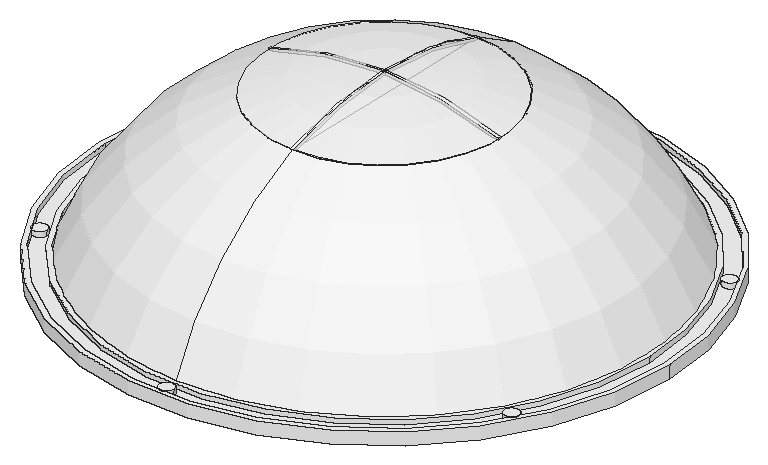
Revit family "1702a_OPE", category Communication Devices, host Face, Revit 2021
Family settings
  Host = Face
  Maintain Annotation Orientation = No
  Round Connector Dimension = Use Diameter
  Part Type = Normal
  OmniClass Number = 23.85.80.11.27
  OmniClass Title = Lighting Controls
  Cut with Voids When Loaded = No
  Shared = Yes
  Room Calculation Point = No
Parameters
  Width = 6.50"
  Warranty = "5-Years Warranty"  # constant formula
  Type Comments = "OPE – OMNI Protective Enclosure"  # constant formula
  Product Page URL = ""
  Product Documentation Link = ""
  URL = "https://www.currentlighting.com/nxlightingcontrols"
  Model = "OPE – OMNI Protective Enclosure"  # constant formula
  Manufacturer = " NX Lighting Controls"  # constant formula
  Height = 6.50"
  Glass = Glass - White
  Description = "The OPE is a NEMA Type 4X enclosure specifically designed for use with HCS’s OMNIIR ceiling mount occupancy sensor. Designed to provide protection from foreign materials and water, the enclosure is acceptable for use in a variety of environments including applications in the pharmaceutical and food\r\npre-paration industries"  # constant formula
  Default Elevation = 48.00"
  Copyright = "Copyright ©  NX Lighting Controls"  # constant formula
  Contact Us = ""
  Housing Material = Paint -  Matte White
  Certifications = "UL and cUL listed"
  Assembly Code = "D5090"
Reference planes (in)
  plane 1 "Center (Front/Back)": y = 10.63342
  plane 2: z = 0
  plane 3 "Center (Left/Right)": x = 0
  plane 4: x = -3.25
  plane 5: x = 3.25
  plane 6: y = 13.88342
  plane 7: y = 7.38342
  plane 8: z = 2
Forms (in)
  Sweep 1, solid, material "Paint -  Matte White" <- "Housing Material"
    path origin (0, 0, 0) x (1, 0, 0) y (0, 1, 0)
      loop
        circle (0, 10.63342) r 3.25
    profile origin (0, 13.88342, 0) x (0, -1, 0) y (0, 0, 1)
      loop
        line (0.28125, 0) -> (0.28125, 0.14253) -> (0.22703, 0.14253) -> (0.22703, 0.09043) -> (0.05355, 0.09043) -> (0.05355, 0.14253) -> (0, 0.14253) -> (0, 0) -> (0.28125, 0)
  Extrusion 2, solid, material "Paint -  Matte White" <- "Housing Material"
    sketch origin (0, 0, 0) x (1, 0, 0) y (0, 1, 0)
      loop
        circle (2.69201, 12.18765) r 0.08
      loop
        circle (2.69201, 9.07919) r 0.08
      loop
        circle (-2.69201, 12.18765) r 0.08
      loop
        circle (-2.69201, 9.07919) r 0.08
      loop
        circle (0, 7.52495) r 0.08
      loop
        circle (0, 13.74188) r 0.08
    from 0 to 0.14253
  Revolve 3, solid, material "Paint -  Matte White" <- "Housing Material"
    sketch origin (0, 0, 0) x (0, 1, 0) y (0, 0, 1)
      loop
        arc (13.62381, 0.09043) -> (12.95681, 1.10078) -> (11.95033, 1.7736) r 3.06168
        line (11.95033, 1.7736) -> (10.63342, 1.7736) -> (10.63342, 0.09043) -> (13.62381, 0.09043)
      axis (10.63342, 1.7736) -> (10.63342, 0.09043)
    angle from 0 to 360
  Revolve 4, solid, material "Glass - White" <- "Glass"
    sketch origin (0, 0, 0) x (0, 1, 0) y (0, 0, 1)
      loop
        line (10.63342, 2) -> (10.63342, 1.7736) -> (11.94456, 1.7736)
        arc (11.94456, 1.7736) -> (11.30112, 1.95707) -> (10.63342, 2) r 3.13891
      axis (10.63342, 2) -> (10.63342, 1.7736)
    angle from 0 to 360
  Sweep 5, solid, material "Paint -  Matte White" <- "Housing Material"
    path origin (0, 0, 0) x (0, 1, 0) y (0, 0, 1)
      loop
        arc (11.94456, 1.7736) -> (10.63342, 2.00066) -> (9.32228, 1.7736) r 3.89905
    profile origin (0, 10.63342, 2.00066) x (0, 0, -1) y (1, 0, 0)
      loop
        line (-0.01209, 0.01576) -> (-0.01209, -0.01524) -> (0.01891, -0.01524) -> (0.01891, 0.01576) -> (-0.01209, 0.01576)
  Sweep 6, solid, material "Paint -  Matte White" <- "Housing Material"
    path origin (-10.63316, 10.63513, 0) x (1, -0.000137, 0) y (0, 0, 1)
      loop
        arc (11.94456, 1.7736) -> (10.63342, 2.00066) -> (9.32228, 1.7736) r 3.89905
    profile origin (0.00026, 10.63367, 2.00066) x (0, 0, -1) y (-0.000137, -1, 0)
      loop
        line (-0.01209, 0.01576) -> (-0.01209, -0.01524) -> (0.01891, -0.01524) -> (0.01891, 0.01576) -> (-0.01209, 0.01576)
Dimensions and locks (in)
  "Height": plane 4 to plane 5
  "Width": plane 7 to plane 6
  equal spacing: plane 4, plane 3 "Center (Left/Right)", plane 5
  equal spacing: plane 7, plane 1 "Center (Front/Back)", plane 6
  plane 8 to plane 2 = 2.00"  (x2)
  aligned and locked: plane 2 to host face
  aligned and locked: level to host face
Automatic sketch dimensions
  host sketch curve to host sketch curve = 96.00"  (x2)
  plane 1 "Center (Front/Back)" to Sweep 1 sketch curve = 0.00"
  Sweep 1 sketch curve to plane 3 "Center (Left/Right)" = 0.00"
  Sweep 1 sketch curve to profile plane = 0.28125"
  Sweep 1 sketch curve to level = 0.00"
  Sweep 1 sketch curve to profile plane = 0.22703"
  Sweep 1 sketch curve to Sweep 1 sketch curve = 0.17347"
  Sweep 1 sketch curve to Sweep 1 sketch curve = 0.05355"
  level to Sweep 1 sketch curve = 0.09043"
  Sweep 1 sketch curve to Sweep 1 sketch curve = 0.0521"  (x2)
  Extrusion 2 sketch curve to plane 3 "Center (Left/Right)" = 0.00"  (x2)
  plane 4 to Extrusion 2 sketch curve = 0.55799"  (x2)
  Extrusion 2 sketch curve to plane 5 = 0.55799"  (x2)
  Extrusion 2 sketch curve to plane 7 = 0.14154"
  plane 1 "Center (Front/Back)" to Extrusion 2 sketch curve = 1.55423"  (x2)
  Extrusion 2 sketch curve to plane 1 "Center (Front/Back)" = 1.55423"  (x2)
  plane 6 to Extrusion 2 sketch curve = 0.14154"
  Revolve 4 sketch curve to plane 1 "Center (Front/Back)" = 0.00"  (x2)
  plane 8 to Revolve 4 sketch curve = 0.00"
  Revolve 4 sketch curve to plane 1 "Center (Front/Back)" = 0.1336"
  Revolve 4 sketch curve to level = 1.13606"
  plane 8 to Revolve 4 sketch curve = 0.2264"
  Revolve 4 sketch curve to Revolve 4 sketch curve = 0.875"
  Revolve 4 sketch curve to Revolve 4 sketch curve = 0.6486"
  Revolve 3 sketch curve to plane 1 "Center (Front/Back)" = 0.00"  (x2)
  plane 8 to Revolve 3 sketch curve = 0.2264"
  Revolve 3 sketch curve to plane 1 "Center (Front/Back)" = 0.15222"
  level to Revolve 3 sketch curve = 0.09043"
  plane 6 to Revolve 3 sketch curve = 0.25961"
  Revolve 3 sketch curve to Revolve 3 sketch curve = 0.69211"
  Revolve 3 sketch curve to Revolve 3 sketch curve = 1.4764"
  Revolve 3 sketch curve to level = 1.05789"
  Sweep 5 sketch curve to plane 1 "Center (Front/Back)" = 0.00"
  Sweep 5 sketch curve to level = 1.89839"
  plane 8 to Sweep 5 sketch curve = 0.2264"  (x2)
  plane 1 "Center (Front/Back)" to Sweep 5 sketch curve = 1.31114"
  profile plane to Sweep 5 sketch curve = 0.01209"
  plane 3 "Center (Left/Right)" to Sweep 5 sketch curve = 0.01576"
  Sweep 5 sketch curve to profile plane = 0.01891"
  Sweep 5 sketch curve to plane 3 "Center (Left/Right)" = 0.01524"
  Sweep 6 sketch curve to level = 1.89839"
  plane 8 to Sweep 6 sketch curve = 0.2264"  (x2)
  Sweep 6 sketch curve to Sweep 6 sketch curve = 1.31114"
  profile plane to Sweep 6 sketch curve = 0.01209"
  Sweep 6 sketch curve to profile plane = 0.01891"
  Sweep 6 sketch curve to profile plane = 0.01524"
  profile plane to Sweep 6 sketch curve = 0.01576"
  radius of Sweep 1 sketch curve = 3.25"
  radius of Extrusion 2 sketch curve = 0.08"  (x6)
Connectors (in)
  electrical at (0, 10.63342, 0)
    settings: on Sweep 1, index 1, voltage 0 V, apparent load 0 VA, apparent load phase1 0 VA, apparent load phase2 0 VA, apparent load phase3 0 VA, power factor 1, load classification "Other", number of poles 1, system type 13, power factor state 1, is connector primary yes, connector utility no, sub classification motor no, connector description ""
